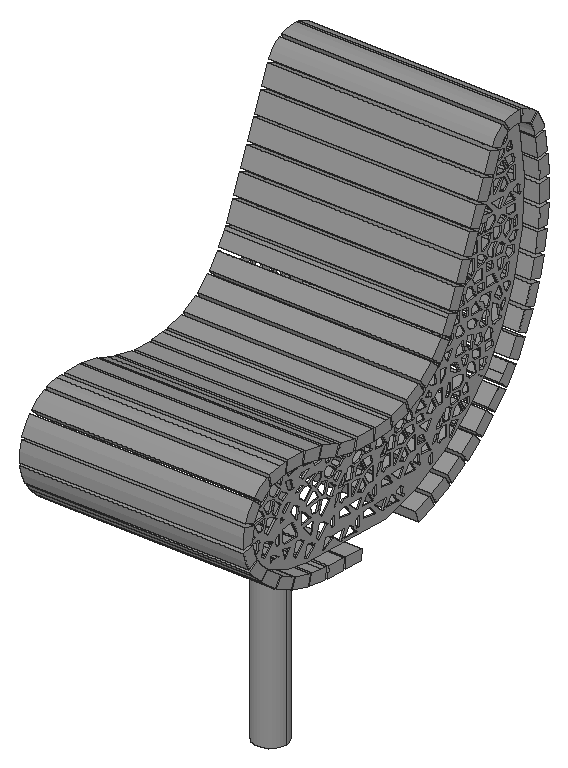
Revit family "Кресло стальное «Филигран Уно» Арт 14883", category Антураж, Revit 2018 (continued)
Automatic sketch dimensions
  Extrusion 3 sketch curve to Extrusion 3 sketch curve = 0.786 mm
  Extrusion 3 sketch curve to Extrusion 3 sketch curve = 10.944 mm
  Extrusion 3 sketch curve to Extrusion 3 sketch curve = 2.711 mm
  Extrusion 3 sketch curve to Extrusion 3 sketch curve = 27.544 mm
  Extrusion 3 sketch curve to Extrusion 3 sketch curve = 19.467 mm
  Extrusion 3 sketch curve to Extrusion 3 sketch curve = 15 mm  (x4)
  Extrusion 3 sketch curve to Extrusion 3 sketch curve = 9.338 mm
  Extrusion 3 sketch curve to Extrusion 3 sketch curve = 11.844 mm
  Extrusion 3 sketch curve to Extrusion 3 sketch curve = 1.587 mm
  Extrusion 3 sketch curve to Extrusion 3 sketch curve = 5.113 mm
  Extrusion 3 sketch curve to Extrusion 3 sketch curve = 5.863 mm
  Extrusion 3 sketch curve to Extrusion 3 sketch curve = 0.75 mm
  Extrusion 3 sketch curve to Extrusion 3 sketch curve = 2.229 mm  (x2)
  Extrusion 3 sketch curve to Extrusion 3 sketch curve = 4.792 mm
  Extrusion 3 sketch curve to Extrusion 3 sketch curve = 3.974 mm
  Extrusion 3 sketch curve to Extrusion 3 sketch curve = 5.459 mm
  Extrusion 3 sketch curve to Extrusion 3 sketch curve = 8.864 mm
  Extrusion 3 sketch curve to Extrusion 3 sketch curve = 8.693 mm
  Extrusion 3 sketch curve to Extrusion 3 sketch curve = 22.863 mm
  Extrusion 3 sketch curve to Extrusion 3 sketch curve = 11.361 mm
  Extrusion 3 sketch curve to Extrusion 3 sketch curve = 15.626 mm
  Extrusion 3 sketch curve to Extrusion 3 sketch curve = 11.948 mm
  Extrusion 3 sketch curve to Extrusion 3 sketch curve = 20.641 mm
  Extrusion 3 sketch curve to Extrusion 3 sketch curve = 17.662 mm
  Extrusion 3 sketch curve to Extrusion 3 sketch curve = 15.849 mm
  Extrusion 3 sketch curve to Extrusion 3 sketch curve = 19.891 mm
  Extrusion 3 sketch curve to Extrusion 3 sketch curve = 8.956 mm
  Extrusion 3 sketch curve to Extrusion 3 sketch curve = 8.364 mm
  Extrusion 3 sketch curve to Extrusion 3 sketch curve = 3.142 mm
  Extrusion 3 sketch curve to Extrusion 3 sketch curve = 19.563 mm
  Extrusion 3 sketch curve to Extrusion 3 sketch curve = 6.411 mm
  Extrusion 3 sketch curve to Extrusion 3 sketch curve = 8.403 mm
  Extrusion 3 sketch curve to Extrusion 3 sketch curve = 9.246 mm
  Extrusion 3 sketch curve to Extrusion 3 sketch curve = 5.65 mm
  Extrusion 3 sketch curve to Extrusion 3 sketch curve = 5.936 mm
  Extrusion 3 sketch curve to Extrusion 3 sketch curve = 10.787 mm
  Extrusion 3 sketch curve to Extrusion 3 sketch curve = 13.03 mm
  Extrusion 3 sketch curve to Extrusion 3 sketch curve = 6.097 mm
  Extrusion 3 sketch curve to Extrusion 3 sketch curve = 3.963 mm
  Extrusion 3 sketch curve to Extrusion 3 sketch curve = 2.951 mm
  Extrusion 3 sketch curve to Extrusion 3 sketch curve = 6.74 mm
  Extrusion 3 sketch curve to Extrusion 3 sketch curve = 13.979 mm
  Extrusion 3 sketch curve to Extrusion 3 sketch curve = 22.494 mm
  Extrusion 3 sketch curve to Extrusion 3 sketch curve = 18.545 mm
  Extrusion 3 sketch curve to Extrusion 3 sketch curve = 19.696 mm  (x2)
  Extrusion 3 sketch curve to Extrusion 3 sketch curve = 25.187 mm
  Extrusion 3 sketch curve to Extrusion 3 sketch curve = 11.193 mm
  Extrusion 3 sketch curve to Extrusion 3 sketch curve = 16.18 mm
  Extrusion 3 sketch curve to Extrusion 3 sketch curve = 5.536 mm
  Extrusion 3 sketch curve to Extrusion 3 sketch curve = 19.178 mm
  Extrusion 3 sketch curve to Extrusion 3 sketch curve = 12.542 mm
  Extrusion 3 sketch curve to Extrusion 3 sketch curve = 4.292 mm
  Extrusion 3 sketch curve to Extrusion 3 sketch curve = 8.569 mm
  Extrusion 3 sketch curve to Extrusion 3 sketch curve = 5.84 mm
  Extrusion 3 sketch curve to Extrusion 3 sketch curve = 10.728 mm
  Extrusion 3 sketch curve to Extrusion 3 sketch curve = 15.101 mm
  Extrusion 3 sketch curve to Extrusion 3 sketch curve = 9.661 mm
  Extrusion 3 sketch curve to Extrusion 3 sketch curve = 4.751 mm
  Extrusion 3 sketch curve to Extrusion 3 sketch curve = 7.336 mm
  Extrusion 3 sketch curve to Extrusion 3 sketch curve = 24.871 mm
  Extrusion 3 sketch curve to Extrusion 3 sketch curve = 16.78 mm
  Extrusion 3 sketch curve to Extrusion 3 sketch curve = 20.518 mm
  Extrusion 3 sketch curve to Extrusion 3 sketch curve = 0.035 mm
  Extrusion 3 sketch curve to Extrusion 3 sketch curve = 3.685 mm
  Extrusion 3 sketch curve to Extrusion 3 sketch curve = 8.125 mm
  Extrusion 3 sketch curve to Extrusion 3 sketch curve = 28.388 mm
  Extrusion 3 sketch curve to Extrusion 3 sketch curve = 0.275 mm
  Extrusion 3 sketch curve to Extrusion 3 sketch curve = 2.576 mm  (x2)
  Extrusion 3 sketch curve to Extrusion 3 sketch curve = 23.378 mm
  Extrusion 3 sketch curve to Extrusion 3 sketch curve = 6.44 mm
  Extrusion 3 sketch curve to Extrusion 3 sketch curve = 7.501 mm
  Extrusion 3 sketch curve to Extrusion 3 sketch curve = 14.872 mm
  Extrusion 3 sketch curve to Extrusion 3 sketch curve = 10.846 mm
  Extrusion 3 sketch curve to Extrusion 3 sketch curve = 2.355 mm
  Extrusion 3 sketch curve to Extrusion 3 sketch curve = 10.099 mm
  Extrusion 3 sketch curve to Extrusion 3 sketch curve = 11.703 mm
  Extrusion 3 sketch curve to Extrusion 3 sketch curve = 16.305 mm
  Extrusion 3 sketch curve to Extrusion 3 sketch curve = 10.71 mm
  Extrusion 3 sketch curve to Extrusion 3 sketch curve = 2.567 mm
  Extrusion 3 sketch curve to Extrusion 3 sketch curve = 11.077 mm
  Extrusion 3 sketch curve to Extrusion 3 sketch curve = 11.208 mm
  Extrusion 3 sketch curve to Extrusion 3 sketch curve = 0.989 mm
  Extrusion 3 sketch curve to Extrusion 3 sketch curve = 20.299 mm
  Extrusion 3 sketch curve to Extrusion 3 sketch curve = 1.318 mm
  Extrusion 3 sketch curve to Extrusion 3 sketch curve = 1.352 mm
  Extrusion 3 sketch curve to Extrusion 3 sketch curve = 6.357 mm
  Extrusion 3 sketch curve to Extrusion 3 sketch curve = 1.289 mm
  Extrusion 3 sketch curve to Extrusion 3 sketch curve = 3.962 mm
  Extrusion 3 sketch curve to Extrusion 3 sketch curve = 5.492 mm
  Extrusion 3 sketch curve to Extrusion 3 sketch curve = 2.21 mm
  Extrusion 3 sketch curve to Extrusion 3 sketch curve = 5.857 mm
  Extrusion 3 sketch curve to Extrusion 3 sketch curve = 29.358 mm
  Extrusion 3 sketch curve to Extrusion 3 sketch curve = 14.931 mm
  Extrusion 3 sketch curve to Extrusion 3 sketch curve = 3.787 mm
  Extrusion 3 sketch curve to Extrusion 3 sketch curve = 0.802 mm
  Extrusion 3 sketch curve to Extrusion 3 sketch curve = 6.281 mm
  Extrusion 3 sketch curve to Extrusion 3 sketch curve = 17.582 mm
  Extrusion 3 sketch curve to Extrusion 3 sketch curve = 5.056 mm
  Extrusion 3 sketch curve to Extrusion 3 sketch curve = 2.713 mm
  Extrusion 3 sketch curve to Extrusion 3 sketch curve = 17.918 mm
  Extrusion 3 sketch curve to Extrusion 3 sketch curve = 12.367 mm
  Extrusion 3 sketch curve to Extrusion 3 sketch curve = 236.016 mm
  Extrusion 3 sketch curve to Extrusion 3 sketch curve = 16.983 mm
  Extrusion 3 sketch curve to Extrusion 3 sketch curve = 4.22 mm
  Extrusion 3 sketch curve to Extrusion 3 sketch curve = 26.391 mm
  Extrusion 3 sketch curve to Extrusion 3 sketch curve = 3.017 mm
  Extrusion 3 sketch curve to Extrusion 3 sketch curve = 1.385 mm
  Extrusion 3 sketch curve to Extrusion 3 sketch curve = 39.132 mm
  Extrusion 3 sketch curve to Extrusion 3 sketch curve = 9.872 mm
  Extrusion 3 sketch curve to Extrusion 3 sketch curve = 5.525 mm
  Extrusion 3 sketch curve to Extrusion 3 sketch curve = 3.372 mm
  Extrusion 3 sketch curve to Extrusion 3 sketch curve = 6.491 mm
  Extrusion 3 sketch curve to Extrusion 3 sketch curve = 5.466 mm
  Extrusion 3 sketch curve to Extrusion 3 sketch curve = 11.312 mm
  Extrusion 3 sketch curve to Extrusion 3 sketch curve = 9.713 mm
  Extrusion 3 sketch curve to Extrusion 3 sketch curve = 8.361 mm
  Extrusion 3 sketch curve to Extrusion 3 sketch curve = 4.202 mm  (x2)
  Extrusion 3 sketch curve to Extrusion 3 sketch curve = 9.317 mm
  Extrusion 3 sketch curve to Extrusion 3 sketch curve = 10.598 mm
  Extrusion 3 sketch curve to Extrusion 3 sketch curve = 23.448 mm
  Extrusion 3 sketch curve to Extrusion 3 sketch curve = 28.982 mm
  Extrusion 3 sketch curve to Extrusion 3 sketch curve = 4.305 mm
  Extrusion 3 sketch curve to Extrusion 3 sketch curve = 4.463 mm
  Extrusion 3 sketch curve to Extrusion 3 sketch curve = 49.075 mm
  Extrusion 3 sketch curve to Extrusion 3 sketch curve = 2.322 mm
  Extrusion 3 sketch curve to Extrusion 3 sketch curve = 23.07 mm
  Extrusion 3 sketch curve to Extrusion 3 sketch curve = 12.985 mm
  Extrusion 3 sketch curve to Extrusion 3 sketch curve = 7.82 mm
  Extrusion 3 sketch curve to Extrusion 3 sketch curve = 2.863 mm
  Extrusion 3 sketch curve to Extrusion 3 sketch curve = 3.253 mm
  Extrusion 3 sketch curve to Extrusion 3 sketch curve = 1.035 mm
  Extrusion 3 sketch curve to Extrusion 3 sketch curve = 16.627 mm
  Extrusion 3 sketch curve to Extrusion 3 sketch curve = 26.617 mm
  Extrusion 3 sketch curve to Extrusion 3 sketch curve = 18.483 mm
  Extrusion 3 sketch curve to Extrusion 3 sketch curve = 7.068 mm
  Extrusion 3 sketch curve to Extrusion 3 sketch curve = 34.714 mm
  Extrusion 3 sketch curve to Extrusion 3 sketch curve = 100.496 mm
  Extrusion 3 sketch curve to Extrusion 3 sketch curve = 4.841 mm
  Extrusion 3 sketch curve to Extrusion 3 sketch curve = 5.639 mm
  Extrusion 3 sketch curve to Extrusion 3 sketch curve = 1.612 mm
  Extrusion 3 sketch curve to Extrusion 3 sketch curve = 10.73 mm
  Extrusion 3 sketch curve to Extrusion 3 sketch curve = 11.119 mm
  Extrusion 3 sketch curve to Extrusion 3 sketch curve = 1.241 mm
  Extrusion 3 sketch curve to Extrusion 3 sketch curve = 4.08 mm
  Extrusion 3 sketch curve to Extrusion 3 sketch curve = 2.607 mm
  Extrusion 3 sketch curve to Extrusion 3 sketch curve = 2.827 mm
  Extrusion 3 sketch curve to Extrusion 3 sketch curve = 8.783 mm
  plane 6 to Extrusion 3 sketch curve = 3335.176 mm
  Extrusion 3 sketch curve to Extrusion 3 sketch curve = 15.164 mm
  Extrusion 3 sketch curve to Extrusion 3 sketch curve = 4.634 mm
  Extrusion 3 sketch curve to Extrusion 3 sketch curve = 7.309 mm
  Extrusion 3 sketch curve to Extrusion 3 sketch curve = 13.56 mm
  Extrusion 3 sketch curve to Extrusion 3 sketch curve = 9.254 mm
  plane 3 "По центру (Влево/Вправо)" to Extrusion 4 sketch curve = 350 mm
  Extrusion 4 sketch curve to plane 1 "По центру (Вперед/Назад)" = 542.692 mm
  Extrusion 5 sketch curve to Extrusion 5 sketch curve = 0 mm  (x12)
  plane 3 "По центру (Влево/Вправо)" to Extrusion 5 sketch curve = 350 mm
  Extrusion 5 sketch curve to plane 1 "По центру (Вперед/Назад)" = 542.692 mm
  Extrusion 5 sketch curve to Extrusion 5 sketch curve = 50 mm
  Extrusion 5 sketch curve to Extrusion 5 sketch curve = 15 mm
  Extrusion 6 sketch curve to Extrusion 6 sketch curve = 0 mm  (x12)
  plane 3 "По центру (Влево/Вправо)" to Extrusion 6 sketch curve = 350 mm
  Extrusion 6 sketch curve to plane 1 "По центру (Вперед/Назад)" = 542.692 mm
  Extrusion 6 sketch curve to Extrusion 6 sketch curve = 50 mm
  Extrusion 6 sketch curve to Extrusion 6 sketch curve = 15 mm
  radius of Extrusion 4 sketch curve = 50 mm
